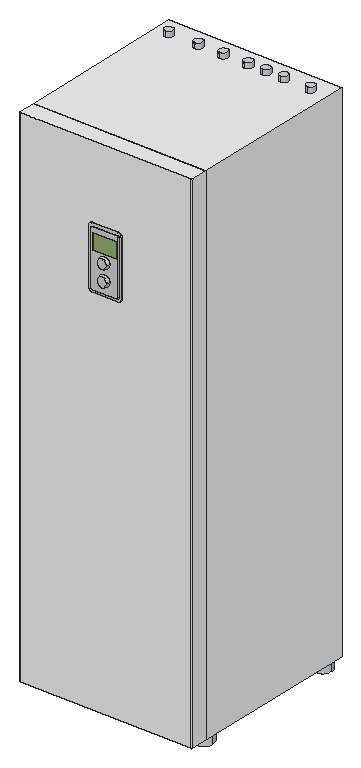
Revit family "Masterwatt_CALIDA COMPACT DUO", category Mechanical Equipment, Revit 2018
Family settings
  Round Connector Dimension = Use Diameter
  Classification = None
  Part Type = Normal
  OmniClass Number = 23.75.10.11.14
  OmniClass Title = Hot Water Heat Generators
  Work Plane-Based = No
  Always vertical = Yes
  Cut with Voids When Loaded = No
  Shared = No
  Room Calculation Point = No
Parameters (values of type "EKD.M3-12/16/20/24")
  Voltage = 230 V
  URL = "https://masterwatt.nl/"
  Model = "EKD.M3"
  Materiaal_02 = Kunststof wit mat
  Materiaal_01 = Coating wit
  Hoogte bedieningspaneel = 1300 mm
  Hoogte = 1745 mm
  Diepte = 630 mm
  Diepte aansluiting = 60 mm
  Watt = 12000 VA
  Copyright = "Masterwatt B.V."  # constant formula
  Breedte = 580 mm
  Art. No. = "300 100 124"
Types (2, lengths in mm): name | Watt | Art. No.
  EKD.M3-04/06/08 | 4000 VA | "300 100 108"
  EKD.M3-12/16/20/24 | 12000 VA | "300 100 124"
Reference planes
  plane 1 "Center (Front/Back)": y = 0
  plane 2: z = 0
  plane 3 "Center (Left/Right)": x = 0
  plane 4: y = -630
  plane 5: y = -570
  plane 6: x = -290
  plane 7: x = 290
  plane 8: z = 1745
  plane 9: y = -60
  plane 10: z = 30
Forms (mm)
  Extrusion 1, solid, detail levels coarse
    sketch origin (0, 0, 0) x (1, 0, 0) y (0, 1, 0)
      loop
        line (-290, 0) -> (-290, -630) -> (290, -630) -> (290, 0) -> (-290, 0)
    from 30 to 1745
  Extrusion 2, solid, material "Coating wit" <- "Materiaal_01", detail levels medium+fine
    sketch origin (0, 0, 0) x (1, 0, 0) y (0, 1, 0)
      loop
        line (-290, -570) -> (-290, -630) -> (290, -630) -> (290, -570) -> (-290, -570)
    from 30 to 1745
  Extrusion 3, solid, material "Coating wit" <- "Materiaal_01", detail levels medium+fine
    sketch origin (0, 0, 0) x (1, 0, 0) y (0, 1, 0)
      loop
        line (-290, 0) -> (-290, -570) -> (290, -570) -> (290, 0) -> (-290, 0)
    from 30 to 1745
  Extrusion 4, void
    sketch origin (0, 0, 0) x (1, 0, 0) y (0, 1, 0)
      loop
        arc (290, -627) -> (289.121, -629.121) -> (287, -630) r 3
        line (287, -630) -> (290, -630) -> (290, -627)
      loop
        line (-290, -627) -> (-290, -630) -> (-287, -630)
        arc (-287, -630) -> (-289.121, -629.121) -> (-290, -627) r 3
    from 30 to 1745
  Extrusion 5, solid, material "Kunststof wit mat" <- "Materiaal_02", detail levels fine
    sketch origin (0, 0, 0) x (1, 0, 0) y (0, 0, 1)
      loop
        arc (-41, 1500) -> (-50.899, 1495.899) -> (-55, 1486) r 14
        line (-55, 1486) -> (-55, 1304)
        arc (-55, 1304) -> (-50.899, 1294.101) -> (-41, 1290) r 14
        line (-41, 1290) -> (41, 1290)
        arc (41, 1290) -> (50.899, 1294.101) -> (55, 1304) r 14
        line (55, 1304) -> (55, 1486)
        arc (55, 1486) -> (50.899, 1495.899) -> (41, 1500) r 14
        line (41, 1500) -> (-41, 1500)
    from 630 to 632
  Extrusion 6, solid
    sketch origin (0, 0, 0) x (1, 0, 0) y (0, 1, 0)
      loop
        circle (-255, -35) r 30
    from 0 to 30
  Extrusion 7, solid
    sketch origin (510, 0, 0) x (1, 0, 0) y (0, 1, 0)
      loop
        circle (-255, -35) r 30
    from 0 to 30
  Extrusion 8, solid
    sketch origin (510, -500, 0) x (1, 0, 0) y (0, 1, 0)
      loop
        circle (-255, -35) r 30
    from 0 to 30
  Extrusion 9, solid
    sketch origin (0, -500, 0) x (1, 0, 0) y (0, 1, 0)
      loop
        circle (-255, -35) r 30
    from 0 to 30
  Extrusion 10, solid
    sketch origin (0, 0, 60) x (0, -1, 0) y (1, 0, 0)
      loop
        circle (60, 234) r 14
      loop
        circle (60, -244) r 14
      loop
        circle (60, -144) r 14
      loop
        circle (60, -60) r 14
      loop
        circle (60, 24) r 14
      loop
        circle (60, 84) r 14
      loop
        circle (60, 144) r 14
    from 1700 to 1685
Cuts and joins
  Extrusion 4 cuts Extrusion 2
Dimensions and locks
  "Hoogte": plane 8 to level
  locked: plane 4 to plane 5 at 60
  "Diepte": plane 4 to plane 1 "Center (Front/Back)"
  "Hoogte bedieningspaneel": nested 1 to level
  "Breedte": plane 6 to plane 7
  equal spacing: plane 6, plane 3 "Center (Left/Right)", plane 7
  "Diepte aansluiting": plane 9 to plane 1 "Center (Front/Back)"
  locked: plane 4 to nested 1 at 5
  locked: Extrusion 5 to plane 4 at 2
  plane 10 to plane 2 = 30 mm
  locked: Extrusion 5 to nested 1 at 10  (x2)
  locked: nested 1 to Extrusion 5 at 10  (x2)
  aligned and locked: level to plane 2
  aligned and locked: plane 1 "Center (Front/Back)" to Extrusion 1 sketch curve
  aligned and locked: Extrusion 1 sketch curve to plane 7
  aligned and locked: plane 6 to Extrusion 1 sketch curve
  aligned and locked: plane 3 "Center (Left/Right)" to nested 1
  aligned and locked: plane 8 to Extrusion 2
  aligned and locked: plane 7 to Extrusion 2
  aligned and locked: plane 4 to Extrusion 2
  aligned and locked: Extrusion 2 to plane 6
  aligned and locked: plane 7 to Extrusion 3
  aligned and locked: Extrusion 3 to plane 1 "Center (Front/Back)"
  aligned and locked: Extrusion 3 to plane 6
  aligned and locked: Extrusion 1 sketch curve to plane 4
  aligned and locked: Extrusion 4 sketch curve to plane 7
  aligned and locked: Extrusion 4 sketch curve to plane 4
  aligned and locked: plane 4 to Extrusion 4 sketch curve
  aligned and locked: Extrusion 4 sketch curve to plane 6
  aligned and locked: plane 8 to Extrusion 4
  aligned and locked: plane 5 to Extrusion 3
  aligned and locked: Extrusion 2 to plane 5
  aligned and locked: Extrusion 4 to Extrusion 1
  aligned and locked: plane 8 to Extrusion 1
  aligned and locked: Extrusion 3 to Extrusion 1
  aligned and locked: Extrusion 5 to plane 4
  aligned and locked: Extrusion 6 to Extrusion 1
  aligned and locked: cut or joined group of Extrusion 2, Extrusion 4 to plane 10
  aligned and locked: Extrusion 1 to plane 10
  aligned and locked: Extrusion 3 to plane 10
  aligned and locked: Extrusion 8 to Extrusion 1
  aligned and locked: Extrusion 7 to Extrusion 1
  aligned and locked: Extrusion 9 to Extrusion 1
  aligned and locked: Extrusion 10 to Extrusion 1
  aligned and locked: plane 9 to Extrusion 10 sketch curve  (x5)
Automatic sketch dimensions
  plane 4 to Extrusion 2 sketch curve = 0 mm
  Extrusion 2 sketch curve to plane 6 = 0 mm
  Extrusion 2 sketch curve to plane 7 = 0 mm
  plane 5 to Extrusion 2 sketch curve = 0 mm
  plane 5 to Extrusion 3 sketch curve = 0 mm
  Extrusion 3 sketch curve to plane 6 = 0 mm
  Extrusion 3 sketch curve to plane 7 = 0 mm
  plane 1 "Center (Front/Back)" to Extrusion 3 sketch curve = 0 mm
  Extrusion 4 sketch curve to plane 6 = 0 mm
  plane 4 to Extrusion 4 sketch curve = 0 mm  (x2)
  Extrusion 4 sketch curve to plane 7 = 0 mm
  Extrusion 4 sketch curve to plane 4 = 3 mm  (x2)
  Extrusion 4 sketch curve to Extrusion 4 sketch curve = 0 mm  (x4)
  Extrusion 5 sketch curve to plane 3 "Center (Left/Right)" = 55 mm
  Extrusion 5 sketch curve to Extrusion 5 sketch curve = 14 mm  (x3)
  plane 3 "Center (Left/Right)" to Extrusion 5 sketch curve = 41 mm  (x2)
  Extrusion 5 sketch curve to plane 8 = 455 mm
  Extrusion 5 sketch curve to Extrusion 5 sketch curve = 182 mm
  plane 6 to Extrusion 6 sketch curve = 35 mm
  Extrusion 6 sketch curve to plane 9 = 25 mm
  Extrusion 7 sketch curve to plane 7 = 35 mm
  Extrusion 7 sketch curve to plane 9 = 25 mm
  Extrusion 8 sketch curve to plane 7 = 35 mm
  Extrusion 8 sketch curve to plane 5 = 35 mm
  plane 6 to Extrusion 9 sketch curve = 35 mm
  Extrusion 9 sketch curve to plane 5 = 35 mm
  plane 9 to Extrusion 10 sketch curve = 0 mm  (x2)
  plane 6 to Extrusion 10 sketch curve = 46 mm
  Extrusion 10 sketch curve to Extrusion 10 sketch curve = 100 mm
  Extrusion 10 sketch curve to plane 3 "Center (Left/Right)" = 60 mm
  plane 3 "Center (Left/Right)" to Extrusion 10 sketch curve = 24 mm
  Extrusion 10 sketch curve to Extrusion 10 sketch curve = 60 mm  (x2)
  Extrusion 10 sketch curve to plane 7 = 56 mm
  radius of Extrusion 6 sketch curve = 30 mm
  radius of Extrusion 7 sketch curve = 30 mm
  radius of Extrusion 8 sketch curve = 30 mm
  radius of Extrusion 9 sketch curve = 30 mm
  radius of Extrusion 10 sketch curve = 14 mm  (x7)
Nested families
  nested 1: "Boiler paneel" at (0, -625, 1300), type "Boiler paneel", detail levels fine
Connectors
  piping at (234, -60, 1760), diameter 19
    settings: on Extrusion 10, index 4, connector inside diameter 609.6 mm, connector length 0 mm, flow factor 0, pipe flow 0.0 L/s, pressure drop 0.0 Pa, fitting loss kfactor 0, connector angle 0.00°, fixture units 0, engagement length 0 mm, angle of deflection 0.00°, flow configuration 1, flow direction 2, fitting loss method 0, system type 19, joint type 0, gender type 0, connector reference index -1, connector utility 0, adjustable connector no, is connector primary yes, connector description ""
  piping at (144, -60, 1760), diameter 19
    settings: on Extrusion 10, index 6, connector inside diameter 609.6 mm, connector length 0 mm, flow factor 0, pipe flow 0.0 L/s, pressure drop 0.0 Pa, fitting loss kfactor 0, connector angle 0.00°, fixture units 0, engagement length 0 mm, angle of deflection 0.00°, flow configuration 0, flow direction 1, fitting loss method 0, system type 20, joint type 0, gender type 0, connector reference index -1, connector utility 0, adjustable connector no, is connector primary no, connector description ""
  piping at (84, -60, 1760), diameter 19
    settings: on Extrusion 10, index 7, connector inside diameter 609.6 mm, connector length 0 mm, flow factor 0, pipe flow 0.0 L/s, pressure drop 0.0 Pa, fitting loss kfactor 0, connector angle 0.00°, fixture units 0, engagement length 0 mm, angle of deflection 0.00°, flow configuration 0, flow direction 1, fitting loss method 0, system type 19, joint type 0, gender type 0, connector reference index -1, connector utility 0, adjustable connector no, is connector primary no, connector description ""
  piping at (24, -60, 1760), diameter 19
    settings: on Extrusion 10, index 8, connector inside diameter 609.6 mm, connector length 0 mm, flow factor 0, pipe flow 0.0 L/s, pressure drop 0.0 Pa, fitting loss kfactor 0, connector angle 0.00°, fixture units 0, engagement length 0 mm, angle of deflection 0.00°, flow configuration 1, flow direction 2, fitting loss method 0, system type 20, joint type 0, gender type 0, connector reference index -1, connector utility 0, adjustable connector no, is connector primary no, connector description ""
  piping at (-60, -60, 1760), diameter 19
    settings: on Extrusion 10, index 9, connector inside diameter 609.6 mm, connector length 0 mm, flow factor 0, pipe flow 0.0 L/s, pressure drop 0.0 Pa, fitting loss kfactor 0, connector angle 0.00°, fixture units 0, engagement length 0 mm, angle of deflection 0.00°, flow configuration 1, flow direction 2, fitting loss method 0, system type 19, joint type 0, gender type 0, connector reference index -1, connector utility 0, adjustable connector no, is connector primary no, connector description ""
  piping at (-144, -60, 1760), diameter 19
    settings: on Extrusion 10, index 10, connector inside diameter 609.6 mm, connector length 0 mm, flow factor 0, pipe flow 0.0 L/s, pressure drop 0.0 Pa, fitting loss kfactor 0, connector angle 0.00°, fixture units 0, engagement length 0 mm, angle of deflection 0.00°, flow configuration 0, flow direction 1, fitting loss method 0, system type 20, joint type 0, gender type 0, connector reference index -1, connector utility 0, adjustable connector no, is connector primary no, connector description ""
  electrical at (-244, -60, 1760), driven by "Voltage", driven by "Watt"
    settings: on Extrusion 10, index 11, voltage 230 V, apparent load 12000 VA, apparent load phase1 0 VA, apparent load phase2 0 VA, apparent load phase3 0 VA, power factor 1, load classification "Other", number of poles 1, system type 30, power factor state 1, is connector primary yes, connector utility no, sub classification motor no, connector description ""
Definition of nested family "Boiler paneel"
  Parameters (values of type "Boiler paneel")
    Materiaal knoppen = none
    Materiaal = none
    Hoogte = 190 mm
    Breedte = 90 mm
  Reference planes
    plane 1 "Center (Front/Back)": y = 0
    plane 2: z = 0
    plane 3 "Center (Left/Right)": x = 0
    plane 4: y = -10
    plane 5: x = -45
    plane 6: x = 45
    plane 7: z = 190
    plane 8: y = -20
    plane 9: z = 95
    plane 10: z = 40
  Forms (mm)
    Extrusion 1, solid, material <- "Materiaal"
      sketch origin (0, 0, 0) x (1, 0, 0) y (0, 0, 1)
        loop
          arc (-41, 190) -> (-43.828, 188.828) -> (-45, 186) r 4
          line (-45, 186) -> (-45, 4)
          arc (-45, 4) -> (-43.828, 1.172) -> (-41, 0) r 4
          line (-41, 0) -> (41, 0)
          arc (41, 0) -> (43.828, 1.172) -> (45, 4) r 4
          line (45, 4) -> (45, 186)
          arc (45, 186) -> (43.828, 188.828) -> (41, 190) r 4
          line (41, 190) -> (-41, 190)
        loop
          line (-40, 170.669) -> (-40, 120.669) -> (40, 120.669) -> (40, 170.669) -> (-40, 170.669)
      from 0 to 10
    Blend 2, solid, material <- "Materiaal knoppen"
      base sketch origin (0, 0, 17.569) x (1, 0, 0) y (0, 0, 1)
        loop
          circle (0, 77.431) r 17.5
      top sketch origin (0, 0, 17.569) x (1, 0, 0) y (0, 0, 1)
        loop
          circle (0, 77.431) r 15
      from 10 to 20
    Blend 3, solid, material <- "Materiaal knoppen"
      base sketch origin (0, 0, -37.431) x (1, 0, 0) y (0, 0, 1)
        loop
          circle (0, 77.431) r 17.5
      top sketch origin (0, 0, -37.431) x (1, 0, 0) y (0, 0, 1)
        loop
          circle (0, 77.431) r 15
      from 10 to 20
    Extrusion 4, solid
      sketch origin (0, 0, 0) x (1, 0, 0) y (0, 0, 1)
        loop
          line (-40, 170.669) -> (-40, 120.669) -> (40, 120.669) -> (40, 170.669) -> (-40, 170.669)
      from 0 to 10
  Dimensions and locks
    "Hoogte": plane 7 to level
    "Breedte": plane 6 to plane 5
    equal spacing: plane 6, plane 3 "Center (Left/Right)", plane 5
    locked: plane 4 to plane 1 "Center (Front/Back)" at 10
    locked: plane 8 to plane 4 at 10
    aligned and locked: level to plane 2
    aligned and locked: Extrusion 1 sketch curve to plane 7
    aligned and locked: Extrusion 1 sketch curve to plane 6
    aligned and locked: level to Extrusion 1 sketch curve
    aligned and locked: plane 5 to Extrusion 1 sketch curve
    aligned and locked: Extrusion 1 to plane 1 "Center (Front/Back)"
    aligned and locked: plane 4 to Extrusion 1
    aligned and locked: Blend 2 to plane 4
    aligned and locked: plane 8 to Blend 2
    aligned and locked: plane 8 to Blend 3
    aligned and locked: Blend 3 to plane 4
    aligned and locked: Extrusion 1 to Extrusion 4 sketch curve  (x3)
    aligned and locked: Extrusion 4 sketch curve to Extrusion 1
    aligned and locked: Extrusion 4 to plane 1 "Center (Front/Back)"
    aligned and locked: plane 4 to Extrusion 4
  Automatic sketch dimensions
    plane 5 to Extrusion 1 sketch curve = 4 mm  (x2)
    plane 5 to Extrusion 1 sketch curve = 5 mm
    Extrusion 1 sketch curve to plane 6 = 5 mm
    Extrusion 1 sketch curve to plane 6 = 4 mm  (x2)
    plane 9 to Extrusion 1 sketch curve = 25.669 mm
    Extrusion 1 sketch curve to Extrusion 1 sketch curve = 15.331 mm
    Blend 2 sketch curve to plane 3 "Center (Left/Right)" = 0 mm  (x2)
    Blend 2 sketch curve to plane 9 = 0 mm  (x2)
    Blend 3 sketch curve to plane 3 "Center (Left/Right)" = 0 mm  (x2)
    Blend 3 sketch curve to plane 10 = 0 mm  (x2)
    radius of Blend 2 sketch curve = 17.5 mm
    radius of Blend 2 sketch curve = 15 mm
    radius of Blend 3 sketch curve = 17.5 mm
    radius of Blend 3 sketch curve = 15 mm
